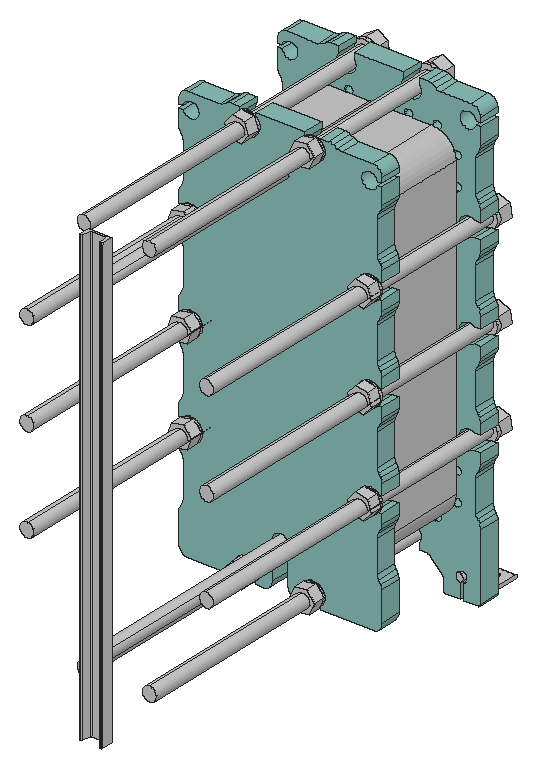
Revit family "Ekin_Endüstriyel - MIT520", category Specialty Equipment, Revit 2022
Family settings
  Round Connector Dimension = Use Diameter
  Part Type = Normal
  Work Plane-Based = No
  Always vertical = No
  Cut with Voids When Loaded = No
  Maintain Annotation Orientation = No
  Shared = No
  Room Calculation Point = No
Parameters (values of type "Flanged")
  URL = "https://en.ekinendustriyel.com/plate-heat-exchanger"
  Type Comments = ""
  Tightening Bolt [instance] = if(Design Pressure < 11.0 bar, 16.00 mm, 30.00 mm)  # 30.00 mm
  Thickness_of_Plate [instance] = 0.50 mm  # constant formula
  Number_of_Plate [instance] = 50
  Model = if(Hygienic, if(Design Pressure < 11.0 bar, "H12340000F75L", if(Design Pressure < 16.0 bar, " H12340000F75M", " H12340000F75H")), if(Design Pressure < 10.0 bar, "E12340000F75L", if(Design Pressure < 16.0 bar, " E12340000F75M", " E12340000F75H")))  # " H12340000F75H"
  Material = Galvanized Steel- S235JR
  Manufacturer = "Ekin Endüstriyel"
  M30 [instance] = 0 = 0  # yes
  Lk [instance] = (Number_of_Plate) * ((Thickness_of_Plate) + 3.90 mm)  # 220.00 mm
  Lh [instance] = 1060.00 mm  # constant formula
  Lf [instance] = 985.00 mm  # constant formula
  Lc [instance] = if(Number_of_Plate < 21, 350.00 mm, if(Number_of_Plate < 41, 500.00 mm, if(Number_of_Plate < 76, 750.00 mm, 1000.00 mm)))  # 750.00 mm
  La [instance] = 370.00 mm  # constant formula
  Keynote = ""
  Industrial [instance] = not(Hygienic)  # no
  Hygienic = yes
  Head & Follower Plate [instance] = if(Design Pressure < 11.0 bar, 25.00 mm, if(Design Pressure < 17.0 bar, 35.00 mm, 45.00 mm))  # 45.00 mm
  Follower Plate [instance] = -(Head & Follower Plate)  # -45.00 mm
  Design Pressure = 20 bar
  Description = if(Design Pressure < 10.0663 bar, "MIT - Heat Exchanger - 10 bar", if(Design Pressure < 15.9958 bar, " MIT - Heat Exchanger - 16 bar", " MIT - Heat Exchanger - 25 bar"))  # " MIT - Heat Exchanger - 25 bar"
  Default Elevation = 0.00 mm
Reference planes
  plane 1 "Center (Front/Back)": y = 0
  plane 2: z = 0
  plane 3 "Center (Left/Right)": x = 0
  plane 4: x = 1160
  plane 5: x = -1000
  plane 6 "2": y = -265
  plane 7 "1": y = -45
  plane 8 "3": y = -795
  plane 9 "Bolt End": y = 18.7
  plane 10: y = -750
Forms (mm)
  Extrusion 1, solid, material "Galvanized Steel", detail levels fine
    sketch origin (4.063, 0, 0) x (1, 0, 0) y (0, 0, 1)
      loop
        line (214.187, 5) -> (214.187, 148.821)
        arc (214.187, 148.821) -> (213.505, 153.997) -> (211.507, 158.821) r 20
        line (211.507, 158.821) -> (206.866, 166.859)
        arc (206.866, 166.859) -> (204.868, 171.683) -> (204.187, 176.859) r 20
        line (204.187, 176.859) -> (204.187, 246.141)
        arc (204.187, 246.141) -> (204.868, 251.317) -> (206.866, 256.141) r 20
        line (206.866, 256.141) -> (211.507, 264.179)
        arc (211.507, 264.179) -> (213.505, 269.003) -> (214.187, 274.179) r 20
        line (214.187, 274.179) -> (214.187, 297) -> (201.516, 297)
        arc (201.516, 297) -> (168.187, 314) -> (201.516, 331) r 21
        line (201.516, 331) -> (214.187, 331) -> (214.187, 353.821)
        arc (214.187, 353.821) -> (213.505, 358.997) -> (211.507, 363.821) r 20
        line (211.507, 363.821) -> (206.866, 371.859)
        arc (206.866, 371.859) -> (204.868, 376.683) -> (204.187, 381.859) r 20
        line (204.187, 381.859) -> (204.187, 451.141)
        arc (204.187, 451.141) -> (204.868, 456.317) -> (206.866, 461.141) r 20
        line (206.866, 461.141) -> (211.507, 469.179)
        arc (211.507, 469.179) -> (213.505, 474.003) -> (214.187, 479.179) r 20
        line (214.187, 479.179) -> (214.187, 502) -> (201.516, 502)
        arc (201.516, 502) -> (168.187, 519) -> (201.516, 536) r 21
        line (201.516, 536) -> (214.187, 536) -> (214.187, 558.821)
        arc (214.187, 558.821) -> (213.505, 563.997) -> (211.507, 568.821) r 20
        line (211.507, 568.821) -> (206.866, 576.859)
        arc (206.866, 576.859) -> (204.868, 581.683) -> (204.187, 586.859) r 20
        line (204.187, 586.859) -> (204.187, 656.141)
        arc (204.187, 656.141) -> (204.868, 661.317) -> (206.866, 666.141) r 20
        line (206.866, 666.141) -> (211.507, 674.179)
        arc (211.507, 674.179) -> (213.505, 679.003) -> (214.187, 684.179) r 20
        line (214.187, 684.179) -> (214.187, 707) -> (201.516, 707)
        arc (201.516, 707) -> (168.187, 724) -> (201.516, 741) r 21
        line (201.516, 741) -> (214.187, 741) -> (214.187, 763.821)
        arc (214.187, 763.821) -> (213.505, 768.997) -> (211.507, 773.821) r 20
        line (211.507, 773.821) -> (206.866, 781.859)
        arc (206.866, 781.859) -> (204.868, 786.683) -> (204.187, 791.859) r 20
        line (204.187, 791.859) -> (204.187, 861.141)
        arc (204.187, 861.141) -> (204.868, 866.317) -> (206.866, 871.141) r 20
        line (206.866, 871.141) -> (211.507, 879.179)
        arc (211.507, 879.179) -> (213.505, 884.003) -> (214.187, 889.179) r 20
        line (214.187, 889.179) -> (214.187, 925) -> (204.923, 925)
        arc (204.923, 925) -> (170.386, 929) -> (204.923, 933) r 17.5
        line (204.923, 933) -> (214.187, 933) -> (214.187, 943)
        arc (214.187, 943) -> (208.329, 957.142) -> (194.187, 963) r 20
        line (194.187, 963) -> (127.616, 963)
        arc (127.616, 963) -> (122.44, 963.681) -> (117.616, 965.679) r 20
        line (117.616, 965.679) -> (109.578, 970.321)
        arc (109.578, 970.321) -> (104.754, 972.319) -> (99.578, 973) r 20
        line (99.578, 973) -> (82.937, 973) -> (82.937, 960.328)
        arc (82.937, 960.328) -> (65.937, 927) -> (48.937, 960.328) r 21
        line (48.937, 960.328) -> (48.937, 973) -> (-57.063, 973) -> (-57.063, 960.328)
        arc (-57.063, 960.328) -> (-74.063, 927) -> (-91.063, 960.328) r 21
        line (-91.063, 960.328) -> (-91.063, 973) -> (-107.704, 973)
        arc (-107.704, 973) -> (-112.88, 972.319) -> (-117.704, 970.321) r 20
        line (-117.704, 970.321) -> (-125.743, 965.679)
        arc (-125.743, 965.679) -> (-130.566, 963.681) -> (-135.743, 963) r 20
        line (-135.743, 963) -> (-202.313, 963)
        arc (-202.313, 963) -> (-216.455, 957.142) -> (-222.313, 943) r 20
        line (-222.313, 943) -> (-222.313, 933) -> (-213.049, 933)
        arc (-213.049, 933) -> (-178.512, 929) -> (-213.049, 925) r 17.5
        line (-213.049, 925) -> (-222.313, 925) -> (-222.313, 889.179)
        arc (-222.313, 889.179) -> (-221.632, 884.003) -> (-219.634, 879.179) r 20
        line (-219.634, 879.179) -> (-214.993, 871.141)
        arc (-214.993, 871.141) -> (-212.995, 866.317) -> (-212.313, 861.141) r 20
        line (-212.313, 861.141) -> (-212.313, 791.859)
        arc (-212.313, 791.859) -> (-212.995, 786.683) -> (-214.993, 781.859) r 20
        line (-214.993, 781.859) -> (-219.634, 773.821)
        arc (-219.634, 773.821) -> (-221.632, 768.997) -> (-222.313, 763.821) r 20
        line (-222.313, 763.821) -> (-222.313, 741) -> (-209.642, 741)
        arc (-209.642, 741) -> (-176.313, 724) -> (-209.642, 707) r 21
        line (-209.642, 707) -> (-222.313, 707) -> (-222.313, 684.179)
        arc (-222.313, 684.179) -> (-221.632, 679.003) -> (-219.634, 674.179) r 20
        line (-219.634, 674.179) -> (-214.993, 666.141)
        arc (-214.993, 666.141) -> (-212.995, 661.317) -> (-212.313, 656.141) r 20
        line (-212.313, 656.141) -> (-212.313, 586.859)
        arc (-212.313, 586.859) -> (-212.995, 581.683) -> (-214.993, 576.859) r 20
        line (-214.993, 576.859) -> (-219.634, 568.821)
        arc (-219.634, 568.821) -> (-221.632, 563.997) -> (-222.313, 558.821) r 20
        line (-222.313, 558.821) -> (-222.313, 536) -> (-209.642, 536)
        arc (-209.642, 536) -> (-176.313, 519) -> (-209.642, 502) r 21
        line (-209.642, 502) -> (-222.313, 502) -> (-222.313, 479.179)
        arc (-222.313, 479.179) -> (-221.632, 474.003) -> (-219.634, 469.179) r 20
        line (-219.634, 469.179) -> (-214.993, 461.141)
        arc (-214.993, 461.141) -> (-212.995, 456.317) -> (-212.313, 451.141) r 20
        line (-212.313, 451.141) -> (-212.313, 381.859)
        arc (-212.313, 381.859) -> (-212.995, 376.683) -> (-214.993, 371.859) r 20
        line (-214.993, 371.859) -> (-219.634, 363.821)
        arc (-219.634, 363.821) -> (-221.632, 358.997) -> (-222.313, 353.821) r 20
        line (-222.313, 353.821) -> (-222.313, 331) -> (-209.642, 331)
        arc (-209.642, 331) -> (-176.313, 314) -> (-209.642, 297) r 21
        line (-209.642, 297) -> (-222.313, 297) -> (-222.313, 274.179)
        arc (-222.313, 274.179) -> (-221.632, 269.003) -> (-219.634, 264.179) r 20
        line (-219.634, 264.179) -> (-214.993, 256.141)
        arc (-214.993, 256.141) -> (-212.995, 251.317) -> (-212.313, 246.141) r 20
        line (-212.313, 246.141) -> (-212.313, 176.859)
        arc (-212.313, 176.859) -> (-212.995, 171.683) -> (-214.993, 166.859) r 20
        line (-214.993, 166.859) -> (-219.634, 158.821)
        arc (-219.634, 158.821) -> (-221.632, 153.997) -> (-222.313, 148.821) r 20
        line (-222.313, 148.821) -> (-222.313, 5)
        arc (-222.313, 5) -> (-220.849, 1.464) -> (-217.313, 0) r 5
        line (-217.313, 0) -> (-185.313, 0) -> (-185.313, 34.417)
        arc (-185.313, 34.417) -> (-182.313, 56) -> (-179.313, 34.417) r 11
        line (-179.313, 34.417) -> (-179.313, 0) -> (-147.313, 0)
        arc (-147.313, 0) -> (-143.777, 1.464) -> (-142.313, 5) r 5
        line (-142.313, 5) -> (-142.313, 24.216)
        arc (-142.313, 24.216) -> (-140.791, 31.869) -> (-136.455, 38.358) r 20
        line (-136.455, 38.358) -> (-115.671, 59.142)
        arc (-115.671, 59.142) -> (-109.182, 63.478) -> (-101.529, 65) r 20
        line (-101.529, 65) -> (-91.063, 65) -> (-91.063, 77.671)
        arc (-91.063, 77.671) -> (-74.063, 111) -> (-57.063, 77.671) r 21
        line (-57.063, 77.671) -> (-57.063, 65) -> (48.937, 65) -> (48.937, 77.671)
        arc (48.937, 77.671) -> (65.937, 111) -> (82.937, 77.671) r 21
        line (82.937, 77.671) -> (82.937, 65) -> (93.403, 65)
        arc (93.403, 65) -> (101.056, 63.478) -> (107.545, 59.142) r 20
        line (107.545, 59.142) -> (128.329, 38.358)
        arc (128.329, 38.358) -> (132.665, 31.869) -> (134.187, 24.216) r 20
        line (134.187, 24.216) -> (134.187, 5)
        arc (134.187, 5) -> (135.651, 1.464) -> (139.187, 0) r 5
        line (139.187, 0) -> (171.187, 0) -> (171.187, 34.417)
        arc (171.187, 34.417) -> (174.187, 56) -> (177.187, 34.417) r 11
        line (177.187, 34.417) -> (177.187, 0) -> (209.187, 0)
        arc (209.187, 0) -> (212.723, 1.464) -> (214.187, 5) r 5
      loop
        circle (90.937, 823) r 45.25
      loop
        circle (60.322, 896.91) r 9
      loop
        circle (17.027, 853.615) r 9
      loop
        circle (17.027, 792.385) r 9
      loop
        circle (60.322, 749.09) r 9
      loop
        circle (121.552, 896.91) r 9
      loop
        circle (164.847, 853.615) r 9
      loop
        circle (164.847, 792.385) r 9
      loop
        circle (121.552, 749.09) r 9
      loop
        circle (90.937, 215) r 45.25
      loop
        circle (60.322, 288.91) r 9
      loop
        circle (17.027, 245.615) r 9
      loop
        circle (17.027, 184.385) r 9
      loop
        circle (60.322, 141.09) r 9
      loop
        circle (121.552, 288.91) r 9
      loop
        circle (164.847, 245.615) r 9
      loop
        circle (164.847, 184.385) r 9
      loop
        circle (121.552, 141.09) r 9
      loop
        circle (-4.063, 160.5) r 5.1
      loop
        circle (-4.063, 877.5) r 6.25
      loop
        circle (-99.063, 823) r 45.25
      loop
        circle (-68.448, 896.91) r 9
      loop
        circle (-25.153, 853.615) r 9
      loop
        circle (-25.153, 792.385) r 9
      loop
        circle (-68.448, 749.09) r 9
      loop
        circle (-129.678, 896.91) r 9
      loop
        circle (-172.973, 853.615) r 9
      loop
        circle (-172.973, 792.385) r 9
      loop
        circle (-129.678, 749.09) r 9
      loop
        circle (-99.063, 215) r 45.25
      loop
        circle (-68.448, 288.91) r 9
      loop
        circle (-25.153, 245.615) r 9
      loop
        circle (-25.153, 184.385) r 9
      loop
        circle (-68.448, 141.09) r 9
      loop
        circle (-129.678, 288.91) r 9
      loop
        circle (-172.973, 245.615) r 9
      loop
        circle (-172.973, 184.385) r 9
      loop
        circle (-129.678, 141.09) r 9
    from 0 to 45
  Extrusion 2, solid, material "Galvanized Steel", detail levels fine
    sketch origin (4.063, -265, 0) x (-1, 0, 0) y (0, 0, 1)
      loop
        arc (-214.187, 85) -> (-208.329, 70.858) -> (-194.187, 65) r 20
        line (-194.187, 65) -> (-82.937, 65) -> (-82.937, 77.671)
        arc (-82.937, 77.671) -> (-65.937, 111) -> (-48.937, 77.671) r 21
        line (-48.937, 77.671) -> (-48.937, 65) -> (-32.437, 65)
        arc (-32.437, 65) -> (-18.295, 70.858) -> (-12.437, 85) r 20
        line (-12.437, 85) -> (-12.437, 165.5)
        arc (-12.437, 165.5) -> (4.063, 182) -> (20.563, 165.5) r 16.5
        line (20.563, 165.5) -> (20.563, 85)
        arc (20.563, 85) -> (26.421, 70.858) -> (40.563, 65) r 20
        line (40.563, 65) -> (57.063, 65) -> (57.063, 77.671)
        arc (57.063, 77.671) -> (74.063, 111) -> (91.063, 77.671) r 21
        line (91.063, 77.671) -> (91.063, 65) -> (202.313, 65)
        arc (202.313, 65) -> (216.455, 70.858) -> (222.313, 85) r 20
        line (222.313, 85) -> (222.313, 148.821)
        arc (222.313, 148.821) -> (221.632, 153.997) -> (219.634, 158.821) r 20
        line (219.634, 158.821) -> (214.993, 166.859)
        arc (214.993, 166.859) -> (212.995, 171.683) -> (212.313, 176.859) r 20
        line (212.313, 176.859) -> (212.313, 246.141)
        arc (212.313, 246.141) -> (212.995, 251.317) -> (214.993, 256.141) r 20
        line (214.993, 256.141) -> (219.634, 264.179)
        arc (219.634, 264.179) -> (221.632, 269.003) -> (222.313, 274.179) r 20
        line (222.313, 274.179) -> (222.313, 297) -> (209.642, 297)
        arc (209.642, 297) -> (176.313, 314) -> (209.642, 331) r 21
        line (209.642, 331) -> (222.313, 331) -> (222.313, 353.821)
        arc (222.313, 353.821) -> (221.632, 358.997) -> (219.634, 363.821) r 20
        line (219.634, 363.821) -> (214.993, 371.859)
        arc (214.993, 371.859) -> (212.995, 376.683) -> (212.313, 381.859) r 20
        line (212.313, 381.859) -> (212.313, 451.141)
        arc (212.313, 451.141) -> (212.995, 456.317) -> (214.993, 461.141) r 20
        line (214.993, 461.141) -> (219.634, 469.179)
        arc (219.634, 469.179) -> (221.632, 474.003) -> (222.313, 479.179) r 20
        line (222.313, 479.179) -> (222.313, 502) -> (209.642, 502)
        arc (209.642, 502) -> (176.313, 519) -> (209.642, 536) r 21
        line (209.642, 536) -> (222.313, 536) -> (222.313, 558.821)
        arc (222.313, 558.821) -> (221.632, 563.997) -> (219.634, 568.821) r 20
        line (219.634, 568.821) -> (214.993, 576.859)
        arc (214.993, 576.859) -> (212.995, 581.683) -> (212.313, 586.859) r 20
        line (212.313, 586.859) -> (212.313, 656.141)
        arc (212.313, 656.141) -> (212.995, 661.317) -> (214.993, 666.141) r 20
        line (214.993, 666.141) -> (219.634, 674.179)
        arc (219.634, 674.179) -> (221.632, 679.003) -> (222.313, 684.179) r 20
        line (222.313, 684.179) -> (222.313, 707) -> (209.642, 707)
        arc (209.642, 707) -> (176.313, 724) -> (209.642, 741) r 21
        line (209.642, 741) -> (222.313, 741) -> (222.313, 763.821)
        arc (222.313, 763.821) -> (221.632, 768.997) -> (219.634, 773.821) r 20
        line (219.634, 773.821) -> (214.993, 781.859)
        arc (214.993, 781.859) -> (212.995, 786.683) -> (212.313, 791.859) r 20
        line (212.313, 791.859) -> (212.313, 861.141)
        arc (212.313, 861.141) -> (212.995, 866.317) -> (214.993, 871.141) r 20
        line (214.993, 871.141) -> (219.634, 879.179)
        arc (219.634, 879.179) -> (221.632, 884.003) -> (222.313, 889.179) r 20
        line (222.313, 889.179) -> (222.313, 925) -> (213.049, 925)
        arc (213.049, 925) -> (178.512, 929) -> (213.049, 933) r 17.5
        line (213.049, 933) -> (222.313, 933) -> (222.313, 943)
        arc (222.313, 943) -> (216.455, 957.142) -> (202.313, 963) r 20
        line (202.313, 963) -> (135.743, 963)
        arc (135.743, 963) -> (130.566, 963.681) -> (125.743, 965.679) r 20
        line (125.743, 965.679) -> (117.704, 970.321)
        arc (117.704, 970.321) -> (112.88, 972.319) -> (107.704, 973) r 20
        line (107.704, 973) -> (91.063, 973) -> (91.063, 960.328)
        arc (91.063, 960.328) -> (74.063, 927) -> (57.063, 960.328) r 21
        line (57.063, 960.328) -> (57.063, 973) -> (-48.937, 973) -> (-48.937, 960.328)
        arc (-48.937, 960.328) -> (-65.937, 927) -> (-82.937, 960.328) r 21
        line (-82.937, 960.328) -> (-82.937, 973) -> (-99.578, 973)
        arc (-99.578, 973) -> (-104.754, 972.319) -> (-109.578, 970.321) r 20
        line (-109.578, 970.321) -> (-117.616, 965.679)
        arc (-117.616, 965.679) -> (-122.44, 963.681) -> (-127.616, 963) r 20
        line (-127.616, 963) -> (-194.187, 963)
        arc (-194.187, 963) -> (-208.329, 957.142) -> (-214.187, 943) r 20
        line (-214.187, 943) -> (-214.187, 933) -> (-204.923, 933)
        arc (-204.923, 933) -> (-170.386, 929) -> (-204.923, 925) r 17.5
        line (-204.923, 925) -> (-214.187, 925) -> (-214.187, 889.179)
        arc (-214.187, 889.179) -> (-213.505, 884.003) -> (-211.507, 879.179) r 20
        line (-211.507, 879.179) -> (-206.866, 871.141)
        arc (-206.866, 871.141) -> (-204.868, 866.317) -> (-204.187, 861.141) r 20
        line (-204.187, 861.141) -> (-204.187, 791.859)
        arc (-204.187, 791.859) -> (-204.868, 786.683) -> (-206.866, 781.859) r 20
        line (-206.866, 781.859) -> (-211.507, 773.821)
        arc (-211.507, 773.821) -> (-213.505, 768.997) -> (-214.187, 763.821) r 20
        line (-214.187, 763.821) -> (-214.187, 741) -> (-201.516, 741)
        arc (-201.516, 741) -> (-168.187, 724) -> (-201.516, 707) r 21
        line (-201.516, 707) -> (-214.187, 707) -> (-214.187, 684.179)
        arc (-214.187, 684.179) -> (-213.505, 679.003) -> (-211.507, 674.179) r 20
        line (-211.507, 674.179) -> (-206.866, 666.141)
        arc (-206.866, 666.141) -> (-204.868, 661.317) -> (-204.187, 656.141) r 20
        line (-204.187, 656.141) -> (-204.187, 586.859)
        arc (-204.187, 586.859) -> (-204.868, 581.683) -> (-206.866, 576.859) r 20
        line (-206.866, 576.859) -> (-211.507, 568.821)
        arc (-211.507, 568.821) -> (-213.505, 563.997) -> (-214.187, 558.821) r 20
        line (-214.187, 558.821) -> (-214.187, 536) -> (-201.516, 536)
        arc (-201.516, 536) -> (-168.187, 519) -> (-201.516, 502) r 21
        line (-201.516, 502) -> (-214.187, 502) -> (-214.187, 479.179)
        arc (-214.187, 479.179) -> (-213.505, 474.003) -> (-211.507, 469.179) r 20
        line (-211.507, 469.179) -> (-206.866, 461.141)
        arc (-206.866, 461.141) -> (-204.868, 456.317) -> (-204.187, 451.141) r 20
        line (-204.187, 451.141) -> (-204.187, 381.859)
        arc (-204.187, 381.859) -> (-204.868, 376.683) -> (-206.866, 371.859) r 20
        line (-206.866, 371.859) -> (-211.507, 363.821)
        arc (-211.507, 363.821) -> (-213.505, 358.997) -> (-214.187, 353.821) r 20
        line (-214.187, 353.821) -> (-214.187, 331) -> (-201.516, 331)
        arc (-201.516, 331) -> (-168.187, 314) -> (-201.516, 297) r 21
        line (-201.516, 297) -> (-214.187, 297) -> (-214.187, 274.179)
        arc (-214.187, 274.179) -> (-213.505, 269.003) -> (-211.507, 264.179) r 20
        line (-211.507, 264.179) -> (-206.866, 256.141)
        arc (-206.866, 256.141) -> (-204.868, 251.317) -> (-204.187, 246.141) r 20
        line (-204.187, 246.141) -> (-204.187, 176.859)
        arc (-204.187, 176.859) -> (-204.868, 171.683) -> (-206.866, 166.859) r 20
        line (-206.866, 166.859) -> (-211.507, 158.821)
        arc (-211.507, 158.821) -> (-213.505, 153.997) -> (-214.187, 148.821) r 20
        line (-214.187, 148.821) -> (-214.187, 85)
      loop
        circle (4.063, 877.5) r 15
    from 0 to -45 <- "Follower Plate"
  Extrusion 3, solid, material "AISI 316L/Titanium/Hastelloy", detail levels fine
    sketch origin (0, -45, 0) x (-1, 0, 0) y (0, 0, 1)
      loop
        line (-164, 841.5) -> (-164, 196.5)
        arc (-164, 196.5) -> (-149.355, 161.145) -> (-114, 146.5) r 50
        line (-114, 146.5) -> (-20, 146.5) -> (-20, 186.5) -> (20, 186.5) -> (20, 146.5) -> (114, 146.5)
        arc (114, 146.5) -> (149.355, 161.145) -> (164, 196.5) r 50
        line (164, 196.5) -> (164, 841.5)
        arc (164, 841.5) -> (149.355, 876.855) -> (114, 891.5) r 50
        line (114, 891.5) -> (20, 891.5) -> (20, 851.5) -> (-20, 851.5) -> (-20, 891.5) -> (-114, 891.5)
        arc (-114, 891.5) -> (-149.355, 876.855) -> (-164, 841.5) r 50
      loop
        circle (-95, 823) r 31.946
      loop
        circle (95, 823) r 31.946
      loop
        circle (-95, 215) r 31.946
      loop
        circle (95, 215) r 31.946
    from 0 to -220
  Extrusion 4, solid, material "Galvanized Steel- S235JR"
    sketch origin (0, 0, 0) x (1, 0, 0) y (0, 0, 1)
      loop
        circle (0, 877.5) r 15
      loop
        circle (0, 160.5) r 15
    from 45 to 795
  Extrusion 5, solid, material "Galvanized Steel- S235JR"
    sketch origin (0, 0, 0) x (1, 0, 0) y (0, 0, 1)
      loop
        circle (193.25, 314) r 15
      loop
        circle (70, 90) r 15
      loop
        circle (193.25, 519) r 15
      loop
        circle (193.25, 724) r 15
      loop
        circle (70, 948) r 15
      loop
        circle (-193.25, 314) r 15
      loop
        circle (-70, 90) r 15
      loop
        circle (-193.25, 519) r 15
      loop
        circle (-193.25, 724) r 15
      loop
        circle (-70, 948) r 15
    from 0 to 750
  Extrusion 6, solid, material "Galvanized Steel- S235JR", detail levels fine
    sketch origin (0, 0, 0) x (1, 0, 0) y (0, 0, 1)
      loop
        line (164.316, 49.263) -> (167.216, 35.713) -> (180.401, 31.451) -> (190.684, 40.737) -> (187.784, 54.287) -> (174.599, 58.549) -> (164.316, 49.263)
      loop
        line (-164.316, 49.263) -> (-174.599, 58.549) -> (-187.784, 54.287) -> (-190.684, 40.737) -> (-180.401, 31.451) -> (-167.216, 35.713) -> (-164.316, 49.263)
    from -10 to -20
  Extrusion 7, solid, material "Galvanized Steel- S235JR", detail levels fine
    sketch origin (0, 0, 0) x (1, 0, 0) y (0, 0, 1)
      loop
        circle (177.5, 45) r 15
      loop
        circle (-177.5, 45) r 15
    from -10 to -7.5
  Extrusion 8, solid, material "Galvanized Steel- S235JR", detail levels fine
    sketch origin (0, 0, 0) x (1, 0, 0) y (0, 0, 1)
      loop
        circle (177.5, 45) r 7.9
      loop
        circle (-177.5, 45) r 7.9
    from 49.5 to -7.5
  Extrusion 9, solid, material "Galvanized Steel- S235JR", detail levels fine
    sketch origin (0, 0, 0) x (1, 0, 0) y (0, 0, 1)
      loop
        circle (177.5, 45) r 15
      loop
        circle (-177.5, 45) r 15
    from 25 to 27.5
  Extrusion 10, solid, material "Galvanized Steel- S235JR", detail levels fine
    sketch origin (0, 0, 0) x (1, 0, 0) y (0, 0, 1)
      loop
        line (164.316, 49.263) -> (167.216, 35.713) -> (180.401, 31.451) -> (190.684, 40.737) -> (187.784, 54.287) -> (174.599, 58.549) -> (164.316, 49.263)
      loop
        line (-164.316, 49.263) -> (-174.599, 58.549) -> (-187.784, 54.287) -> (-190.684, 40.737) -> (-180.401, 31.451) -> (-167.216, 35.713) -> (-164.316, 49.263)
    from 40.08 to 27.5
  Extrusion 11, solid, material "Galvanized Steel- S235JR", detail levels fine
    sketch origin (0, 0, 0) x (1, 0, 0) y (0, 0, 1)
      loop
        circle (95, 823) r 94.5
      loop
        circle (95, 823) r 45.25
      loop
        circle (168.91, 853.615) r 6.5
      loop
        circle (168.91, 792.385) r 6.5
      loop
        circle (125.615, 749.09) r 6.5
      loop
        circle (64.385, 749.09) r 6.5
      loop
        circle (21.09, 792.385) r 6.5
      loop
        circle (21.09, 853.615) r 6.5
      loop
        circle (64.385, 896.91) r 6.5
      loop
        circle (125.615, 896.91) r 6.5
      loop
        circle (-95, 823) r 94.5
      loop
        circle (-95, 823) r 45.25
      loop
        circle (-168.91, 853.615) r 6.5
      loop
        circle (-168.91, 792.385) r 6.5
      loop
        circle (-125.615, 749.09) r 6.5
      loop
        circle (-64.385, 749.09) r 6.5
      loop
        circle (-21.09, 792.385) r 6.5
      loop
        circle (-21.09, 853.615) r 6.5
      loop
        circle (-64.385, 896.91) r 6.5
      loop
        circle (-125.615, 896.91) r 6.5
      loop
        circle (95, 215) r 94.5
      loop
        circle (95, 215) r 45.25
      loop
        circle (168.91, 245.615) r 6.5
      loop
        circle (168.91, 184.385) r 6.5
      loop
        circle (125.615, 141.09) r 6.5
      loop
        circle (64.385, 141.09) r 6.5
      loop
        circle (21.09, 184.385) r 6.5
      loop
        circle (21.09, 245.615) r 6.5
      loop
        circle (64.385, 288.91) r 6.5
      loop
        circle (125.615, 288.91) r 6.5
      loop
        circle (-95, 215) r 94.5
      loop
        circle (-95, 215) r 45.25
      loop
        circle (-168.91, 245.615) r 6.5
      loop
        circle (-168.91, 184.385) r 6.5
      loop
        circle (-125.615, 141.09) r 6.5
      loop
        circle (-64.385, 141.09) r 6.5
      loop
        circle (-21.09, 184.385) r 6.5
      loop
        circle (-21.09, 245.615) r 6.5
      loop
        circle (-64.385, 288.91) r 6.5
      loop
        circle (-125.615, 288.91) r 6.5
    from 0 to -15
  Extrusion 12, solid, material "Galvanized Steel- S235JR", detail levels fine
    sketch origin (0, 0, 0) x (1, 0, 0) y (0, 0, 1)
      loop
        circle (125.615, 896.91) r 15
      loop
        circle (168.91, 853.615) r 15
      loop
        circle (168.91, 792.385) r 15
      loop
        circle (125.615, 749.09) r 15
      loop
        circle (64.385, 896.91) r 15
      loop
        circle (21.09, 853.615) r 15
      loop
        circle (21.09, 792.385) r 15
      loop
        circle (64.385, 749.09) r 15
      loop
        circle (-125.615, 896.91) r 15
      loop
        circle (-168.91, 853.615) r 15
      loop
        circle (-168.91, 792.385) r 15
      loop
        circle (-125.615, 749.09) r 15
      loop
        circle (-64.385, 896.91) r 15
      loop
        circle (-21.09, 853.615) r 15
      loop
        circle (-21.09, 792.385) r 15
      loop
        circle (-64.385, 749.09) r 15
      loop
        circle (125.615, 288.91) r 15
      loop
        circle (168.91, 245.615) r 15
      loop
        circle (168.91, 184.385) r 15
      loop
        circle (125.615, 141.09) r 15
      loop
        circle (64.385, 288.91) r 15
      loop
        circle (21.09, 245.615) r 15
      loop
        circle (21.09, 184.385) r 15
      loop
        circle (64.385, 141.09) r 15
      loop
        circle (-125.615, 288.91) r 15
      loop
        circle (-168.91, 245.615) r 15
      loop
        circle (-168.91, 184.385) r 15
      loop
        circle (-125.615, 141.09) r 15
      loop
        circle (-64.385, 288.91) r 15
      loop
        circle (-21.09, 245.615) r 15
      loop
        circle (-21.09, 184.385) r 15
      loop
        circle (-64.385, 141.09) r 15
    from -18 to -15
  Extrusion 13, solid, material "Galvanized Steel- S235JR", detail levels fine
    sketch origin (0, 0, 0) x (1, 0, 0) y (0, 0, 1)
      loop
        line (128.813, 910.985) -> (115.024, 906.717) -> (111.826, 892.642) -> (122.417, 882.835) -> (136.205, 887.103) -> (139.403, 901.178) -> (128.813, 910.985)
      loop
        line (168.356, 868.038) -> (156.143, 860.347) -> (156.697, 845.923) -> (169.464, 839.192) -> (181.678, 846.883) -> (181.124, 861.306) -> (168.356, 868.038)
      loop
        line (164.642, 806.174) -> (154.835, 795.583) -> (159.103, 781.795) -> (173.178, 778.597) -> (182.985, 789.187) -> (178.717, 802.976) -> (164.642, 806.174)
      loop
        line (132.347, 761.857) -> (117.923, 761.303) -> (111.192, 748.536) -> (118.883, 736.322) -> (133.306, 736.876) -> (140.038, 749.644) -> (132.347, 761.857)
      loop
        line (61.187, 910.985) -> (50.597, 901.178) -> (53.795, 887.103) -> (67.583, 882.835) -> (78.174, 892.642) -> (74.976, 906.717) -> (61.187, 910.985)
      loop
        line (21.644, 868.038) -> (8.876, 861.306) -> (8.322, 846.883) -> (20.536, 839.192) -> (33.303, 845.923) -> (33.857, 860.347) -> (21.644, 868.038)
      loop
        line (25.358, 806.174) -> (11.283, 802.976) -> (7.015, 789.187) -> (16.822, 778.597) -> (30.897, 781.795) -> (35.165, 795.583) -> (25.358, 806.174)
      loop
        line (57.653, 761.857) -> (49.962, 749.644) -> (56.694, 736.876) -> (71.117, 736.322) -> (78.808, 748.536) -> (72.077, 761.303) -> (57.653, 761.857)
      loop
        line (-128.813, 910.985) -> (-139.403, 901.178) -> (-136.205, 887.103) -> (-122.417, 882.835) -> (-111.826, 892.642) -> (-115.024, 906.717) -> (-128.813, 910.985)
      loop
        line (-168.356, 868.038) -> (-181.124, 861.306) -> (-181.678, 846.883) -> (-169.464, 839.192) -> (-156.697, 845.923) -> (-156.143, 860.347) -> (-168.356, 868.038)
      loop
        line (-164.642, 806.174) -> (-178.717, 802.976) -> (-182.985, 789.187) -> (-173.178, 778.597) -> (-159.103, 781.795) -> (-154.835, 795.583) -> (-164.642, 806.174)
      loop
        line (-132.347, 761.857) -> (-140.038, 749.644) -> (-133.306, 736.876) -> (-118.883, 736.322) -> (-111.192, 748.536) -> (-117.923, 761.303) -> (-132.347, 761.857)
      loop
        line (-61.187, 910.985) -> (-74.976, 906.717) -> (-78.174, 892.642) -> (-67.583, 882.835) -> (-53.795, 887.103) -> (-50.597, 901.178) -> (-61.187, 910.985)
      loop
        line (-21.644, 868.038) -> (-33.857, 860.347) -> (-33.303, 845.923) -> (-20.536, 839.192) -> (-8.322, 846.883) -> (-8.876, 861.306) -> (-21.644, 868.038)
      loop
        line (-25.358, 806.174) -> (-35.165, 795.583) -> (-30.897, 781.795) -> (-16.822, 778.597) -> (-7.015, 789.187) -> (-11.283, 802.976) -> (-25.358, 806.174)
      loop
        line (-57.653, 761.857) -> (-72.077, 761.303) -> (-78.808, 748.536) -> (-71.117, 736.322) -> (-56.694, 736.876) -> (-49.962, 749.644) -> (-57.653, 761.857)
      loop
        line (128.813, 302.985) -> (115.024, 298.717) -> (111.826, 284.642) -> (122.417, 274.835) -> (136.205, 279.103) -> (139.403, 293.178) -> (128.813, 302.985)
      loop
        line (168.356, 260.038) -> (156.143, 252.347) -> (156.697, 237.923) -> (169.464, 231.192) -> (181.678, 238.883) -> (181.124, 253.306) -> (168.356, 260.038)
      loop
        line (164.642, 198.174) -> (154.835, 187.583) -> (159.103, 173.795) -> (173.178, 170.597) -> (182.985, 181.187) -> (178.717, 194.976) -> (164.642, 198.174)
      loop
        line (132.347, 153.857) -> (117.923, 153.303) -> (111.192, 140.536) -> (118.883, 128.322) -> (133.306, 128.876) -> (140.038, 141.644) -> (132.347, 153.857)
      loop
        line (61.187, 302.985) -> (50.597, 293.178) -> (53.795, 279.103) -> (67.583, 274.835) -> (78.174, 284.642) -> (74.976, 298.717) -> (61.187, 302.985)
      loop
        line (21.644, 260.038) -> (8.876, 253.306) -> (8.322, 238.883) -> (20.536, 231.192) -> (33.303, 237.923) -> (33.857, 252.347) -> (21.644, 260.038)
      loop
        line (25.358, 198.174) -> (11.283, 194.976) -> (7.015, 181.187) -> (16.822, 170.597) -> (30.897, 173.795) -> (35.165, 187.583) -> (25.358, 198.174)
      loop
        line (57.653, 153.857) -> (49.962, 141.644) -> (56.694, 128.876) -> (71.117, 128.322) -> (78.808, 140.536) -> (72.077, 153.303) -> (57.653, 153.857)
      loop
        line (-128.813, 302.985) -> (-139.403, 293.178) -> (-136.205, 279.103) -> (-122.417, 274.835) -> (-111.826, 284.642) -> (-115.024, 298.717) -> (-128.813, 302.985)
      loop
        line (-168.356, 260.038) -> (-181.124, 253.306) -> (-181.678, 238.883) -> (-169.464, 231.192) -> (-156.697, 237.923) -> (-156.143, 252.347) -> (-168.356, 260.038)
      loop
        line (-164.642, 198.174) -> (-178.717, 194.976) -> (-182.985, 181.187) -> (-173.178, 170.597) -> (-159.103, 173.795) -> (-154.835, 187.583) -> (-164.642, 198.174)
      loop
        line (-132.347, 153.857) -> (-140.038, 141.644) -> (-133.306, 128.876) -> (-118.883, 128.322) -> (-111.192, 140.536) -> (-117.923, 153.303) -> (-132.347, 153.857)
      loop
        line (-61.187, 302.985) -> (-74.976, 298.717) -> (-78.174, 284.642) -> (-67.583, 274.835) -> (-53.795, 279.103) -> (-50.597, 293.178) -> (-61.187, 302.985)
      loop
        line (-21.644, 260.038) -> (-33.857, 252.347) -> (-33.303, 237.923) -> (-20.536, 231.192) -> (-8.322, 238.883) -> (-8.876, 253.306) -> (-21.644, 260.038)
      loop
        line (-25.358, 198.174) -> (-35.165, 187.583) -> (-30.897, 173.795) -> (-16.822, 170.597) -> (-7.015, 181.187) -> (-11.283, 194.976) -> (-25.358, 198.174)
      loop
        line (-57.653, 153.857) -> (-72.077, 153.303) -> (-78.808, 140.536) -> (-71.117, 128.322) -> (-56.694, 128.876) -> (-49.962, 141.644) -> (-57.653, 153.857)
    from -18 to -28
  Extrusion 14, solid, material "Galvanized Steel- S235JR", detail levels medium+fine
    sketch origin (0, 0, 0) x (1, 0, 0) y (0, 0, 1)
      loop
        circle (0, 160.5) r 9
      loop
        circle (0, 877.5) r 9
    from 0 to -12
  Extrusion 15, solid, material "Galvanized Steel- S235JR", detail levels medium+fine
    sketch origin (0, 0, 0) x (1, 0, 0) y (0, 1, 0)
      loop
        line (-24.936, -795) -> (-24.936, -818.408)
        arc (-24.936, -818.408) -> (-24.469, -819.534) -> (-23.343, -820) r 1.592
        line (-23.343, -820) -> (-21.362, -820)
        arc (-21.362, -820) -> (-19.913, -819.577) -> (-18.918, -818.441) r 2.697
        line (-18.918, -818.441) -> (-17.259, -802.296)
        arc (-17.259, -802.296) -> (-16.144, -800.525) -> (-14.168, -799.834) r 3.172
        line (-14.168, -799.834) -> (14.147, -799.834)
        arc (14.147, -799.834) -> (16.12, -800.526) -> (17.23, -802.298) r 3.161
        line (17.23, -802.298) -> (18.782, -817.904)
        arc (18.782, -817.904) -> (19.819, -819.417) -> (21.559, -820) r 2.887
        line (21.559, -820) -> (23.148, -820)
        arc (23.148, -820) -> (24.463, -819.455) -> (25.008, -818.14) r 1.86
        line (25.008, -818.14) -> (25.008, -795) -> (-24.936, -795)
    from 0 to 973
  Extrusion 16, solid, material "Galvanized Steel- S235JR"
    sketch origin (212.5, 0, 5) x (0, 0, 1) y (0, -1, 0)
      loop
        line (7.5, -7.5) -> (62, -7.5)
        arc (62, -7.5) -> (64.121, -6.621) -> (65, -4.5) r 3
        line (65, -4.5) -> (65, 0) -> (-4, 0)
        arc (-4, 0) -> (-4.707, -0.293) -> (-5, -1) r 1
        line (-5, -1) -> (-5, -68)
        arc (-5, -68) -> (-4.414, -69.414) -> (-3, -70) r 2
        line (-3, -70) -> (0.5, -70)
        arc (0.5, -70) -> (1.914, -69.414) -> (2.5, -68) r 2
        line (2.5, -68) -> (2.5, -12.5)
        arc (2.5, -12.5) -> (3.964, -8.964) -> (7.5, -7.5) r 5
    from -9.144 to -415.673
  Extrusion 17, void
    sketch origin (202.5, 12.5, 7.5) x (0, -1, 0) y (1, 0, 0)
      loop
        line (12.5, -49.25) -> (-57.5, -49.25) -> (-57.5, -355.75) -> (12.5, -355.75) -> (12.5, -49.25)
      loop
        circle (-32.5, -380.75) r 9
      loop
        circle (-32.5, -24.25) r 9
    from -7.5 to 62.5
  Extrusion 18, solid, material "Galvanized Steel- S235JR", visible <- "M30", detail levels medium+fine
    sketch origin (0, 0, 0) x (1, 0, 0) y (0, 0, 1)
      loop
        circle (193.25, 724) r 25
      loop
        circle (193.25, 519) r 25
      loop
        circle (193.25, 314) r 25
      loop
        circle (70, 90) r 25
      loop
        circle (70, 948) r 25
      loop
        circle (-193.25, 724) r 25
      loop
        circle (-193.25, 519) r 25
      loop
        circle (-193.25, 314) r 25
      loop
        circle (-70, 90) r 25
      loop
        circle (-70, 948) r 25
    from 0 to -8
  Extrusion 19, solid, material "Galvanized Steel- S235JR", visible <- "M30", detail levels fine
    sketch origin (4.063, -310, 0) x (1, 0, 0) y (0, 0, 1)
      loop
        line (92.239, 951.682) -> (75.899, 972.619) -> (49.597, 968.936) -> (39.635, 944.318) -> (55.975, 923.381) -> (82.277, 927.063) -> (92.239, 951.682)
      loop
        line (215.288, 719.092) -> (206.488, 744.15) -> (180.387, 749.058) -> (163.086, 728.908) -> (171.886, 703.85) -> (197.987, 698.942) -> (215.288, 719.092)
      loop
        line (197.987, 493.942) -> (215.288, 514.092) -> (206.488, 539.15) -> (180.387, 544.058) -> (163.086, 523.908) -> (171.886, 498.85) -> (197.987, 493.942)
      loop
        line (180.387, 339.058) -> (163.086, 318.908) -> (171.886, 293.85) -> (197.987, 288.942) -> (215.288, 309.092) -> (206.488, 334.15) -> (180.387, 339.058)
      loop
        line (92.239, 93.682) -> (75.899, 114.619) -> (49.597, 110.936) -> (39.635, 86.318) -> (55.975, 65.381) -> (82.277, 69.063) -> (92.239, 93.682)
      loop
        line (-100.365, 951.682) -> (-90.403, 927.063) -> (-64.101, 923.381) -> (-47.761, 944.318) -> (-57.723, 968.936) -> (-84.025, 972.619) -> (-100.365, 951.682)
      loop
        line (-223.414, 719.092) -> (-206.113, 698.942) -> (-180.012, 703.85) -> (-171.212, 728.908) -> (-188.513, 749.058) -> (-214.614, 744.15) -> (-223.414, 719.092)
      loop
        line (-206.113, 493.942) -> (-180.012, 498.85) -> (-171.212, 523.908) -> (-188.513, 544.058) -> (-214.614, 539.15) -> (-223.414, 514.092) -> (-206.113, 493.942)
      loop
        line (-188.513, 339.058) -> (-214.614, 334.15) -> (-223.414, 309.092) -> (-206.113, 288.942) -> (-180.012, 293.85) -> (-171.212, 318.908) -> (-188.513, 339.058)
      loop
        line (-100.365, 93.682) -> (-90.403, 69.063) -> (-64.101, 65.381) -> (-47.761, 86.318) -> (-57.723, 110.936) -> (-84.025, 114.619) -> (-100.365, 93.682)
    from 4 to 29.5
  Extrusion 20, solid, material "Galvanized Steel- S235JR", visible <- "M30", detail levels fine
    sketch origin (4.063, -310, 0) x (1, 0, 0) y (0, 0, 1)
      loop
        circle (65.937, 90) r 25
      loop
        circle (189.187, 314) r 25
      loop
        circle (189.187, 519) r 25
      loop
        circle (189.187, 724) r 25
      loop
        circle (65.937, 948) r 25
      loop
        circle (-74.063, 90) r 25
      loop
        circle (-197.313, 314) r 25
      loop
        circle (-197.313, 519) r 25
      loop
        circle (-197.313, 724) r 25
      loop
        circle (-74.063, 948) r 25
    from 4 to 0
  Extrusion 21, solid, material "Galvanized Steel- S235JR", visible <- "M30", detail levels medium+fine
    sketch origin (0, 0, 0) x (1, 0, 0) y (0, 0, 1)
      loop
        line (92.881, 102.905) -> (70.264, 116.268) -> (47.383, 103.362) -> (47.119, 77.094) -> (69.736, 63.732) -> (92.617, 76.637) -> (92.881, 102.905)
      loop
        line (214.307, 329.707) -> (190.176, 340.089) -> (169.119, 324.382) -> (172.193, 298.293) -> (196.324, 287.911) -> (217.381, 303.618) -> (214.307, 329.707)
      loop
        line (214.307, 534.707) -> (190.176, 545.089) -> (169.119, 529.382) -> (172.193, 503.293) -> (196.324, 492.911) -> (217.381, 508.618) -> (214.307, 534.707)
      loop
        line (92.881, 960.905) -> (70.264, 974.268) -> (47.383, 961.362) -> (47.119, 935.094) -> (69.736, 921.732) -> (92.617, 934.637) -> (92.881, 960.905)
      loop
        line (214.307, 739.707) -> (190.176, 750.089) -> (169.119, 734.382) -> (172.193, 708.293) -> (196.324, 697.911) -> (217.381, 713.618) -> (214.307, 739.707)
      loop
        line (-92.881, 102.905) -> (-92.617, 76.637) -> (-69.736, 63.732) -> (-47.119, 77.094) -> (-47.383, 103.362) -> (-70.264, 116.268) -> (-92.881, 102.905)
      loop
        line (-214.307, 329.707) -> (-217.381, 303.618) -> (-196.324, 287.911) -> (-172.193, 298.293) -> (-169.119, 324.382) -> (-190.176, 340.089) -> (-214.307, 329.707)
      loop
        line (-214.307, 534.707) -> (-217.381, 508.618) -> (-196.324, 492.911) -> (-172.193, 503.293) -> (-169.119, 529.382) -> (-190.176, 545.089) -> (-214.307, 534.707)
      loop
        line (-92.881, 960.905) -> (-92.617, 934.637) -> (-69.736, 921.732) -> (-47.119, 935.094) -> (-47.383, 961.362) -> (-70.264, 974.268) -> (-92.881, 960.905)
      loop
        line (-214.307, 739.707) -> (-217.381, 713.618) -> (-196.324, 697.911) -> (-172.193, 708.293) -> (-169.119, 734.382) -> (-190.176, 750.089) -> (-214.307, 739.707)
    from -8 to -38.6
  Extrusion 22, solid, material "Galvanized Steel- S235JR", detail levels fine
    sketch origin (0, 0, 0) x (1, 0, 0) y (0, 0, 1)
      loop
        circle (95, 823) r 45.25
      loop
        circle (95, 823) r 31.946
      loop
        circle (-95, 823) r 45.25
      loop
        circle (-95, 823) r 31.946
      loop
        circle (95, 215) r 45.25
      loop
        circle (95, 215) r 31.946
      loop
        circle (-95, 215) r 45.25
      loop
        circle (-95, 215) r 31.946
    from 25 to -15
  Extrusion 23, solid, material "Galvanized Steel", detail levels medium
    sketch origin (4.063, 0, 0) x (1, 0, 0) y (0, 0, 1)
      loop
        line (214.187, 5) -> (214.187, 943)
        arc (214.187, 943) -> (208.329, 957.142) -> (194.187, 963) r 20
        line (194.187, 963) -> (122.257, 963) -> (104.937, 973) -> (-113.063, 973) -> (-130.384, 963) -> (-202.313, 963)
        arc (-202.313, 963) -> (-216.455, 957.142) -> (-222.313, 943) r 20
        line (-222.313, 943) -> (-222.313, 5)
        arc (-222.313, 5) -> (-220.849, 1.464) -> (-217.313, 0) r 5
        line (-217.313, 0) -> (-147.313, 0)
        arc (-147.313, 0) -> (-143.777, 1.464) -> (-142.313, 5) r 5
        line (-142.313, 5) -> (-142.313, 32.5) -> (-109.813, 65) -> (101.687, 65) -> (134.187, 32.5) -> (134.187, 5)
        arc (134.187, 5) -> (135.651, 1.464) -> (139.187, 0) r 5
        line (139.187, 0) -> (209.187, 0)
        arc (209.187, 0) -> (212.723, 1.464) -> (214.187, 5) r 5
      loop
        circle (-4.063, 160.5) r 5.1
      loop
        circle (-4.063, 877.5) r 6.25
      loop
        circle (174.187, 45) r 11
      loop
        circle (65.937, 90) r 21
      loop
        circle (189.187, 314) r 21
      loop
        circle (189.187, 519) r 21
      loop
        circle (189.187, 724) r 21
      loop
        circle (187.886, 929) r 17.5
      loop
        circle (65.937, 948) r 21
      loop
        circle (-182.313, 45) r 11
      loop
        circle (-74.063, 90) r 21
      loop
        circle (-197.313, 314) r 21
      loop
        circle (-197.313, 519) r 21
      loop
        circle (-197.313, 724) r 21
      loop
        circle (-196.012, 929) r 17.5
      loop
        circle (-74.063, 948) r 21
      loop
        circle (90.937, 823) r 31.946
      loop
        circle (-99.063, 823) r 31.946
      loop
        circle (90.937, 215) r 31.946
      loop
        circle (-99.063, 215) r 31.946
    from 0 to 45
  Extrusion 24, solid, material "Galvanized Steel", detail levels medium
    sketch origin (4.063, -265, 0) x (-1, 0, 0) y (0, 0, 1)
      loop
        line (-104.937, 973) -> (-122.257, 963) -> (-194.187, 963)
        arc (-194.187, 963) -> (-208.329, 957.142) -> (-214.187, 943) r 20
        line (-214.187, 943) -> (-214.187, 65) -> (-32.437, 65)
        arc (-32.437, 65) -> (-18.295, 70.858) -> (-12.437, 85) r 20
        line (-12.437, 85) -> (-12.437, 165.5)
        arc (-12.437, 165.5) -> (4.063, 182) -> (20.563, 165.5) r 16.5
        line (20.563, 165.5) -> (20.563, 85)
        arc (20.563, 85) -> (26.421, 70.858) -> (40.563, 65) r 20
        line (40.563, 65) -> (222.313, 65) -> (222.313, 943)
        arc (222.313, 943) -> (216.455, 957.142) -> (202.313, 963) r 20
        line (202.313, 963) -> (130.384, 963) -> (113.063, 973) -> (-104.937, 973)
      loop
        circle (4.063, 877.5) r 15
      loop
        circle (-65.937, 90) r 21
      loop
        circle (-189.187, 314) r 21
      loop
        circle (-189.187, 519) r 21
      loop
        circle (-189.187, 724) r 21
      loop
        circle (-187.886, 929) r 17.5
      loop
        circle (74.063, 90) r 21
      loop
        circle (197.313, 314) r 21
      loop
        circle (197.313, 519) r 21
      loop
        circle (197.313, 724) r 21
      loop
        circle (196.012, 929) r 17.5
      loop
        circle (-65.937, 948) r 21
      loop
        circle (74.063, 948) r 21
    from 0 to -45 <- "Follower Plate"
  Extrusion 25, solid, material "AISI 316L/Titanium/Hastelloy", detail levels medium
    sketch origin (0, -45, 0) x (-1, 0, 0) y (0, 0, 1)
      loop
        line (-164, 841.5) -> (-164, 196.5) -> (-114, 146.5) -> (-20, 146.5) -> (-20, 186.5) -> (20, 186.5) -> (20, 146.5) -> (114, 146.5) -> (164, 196.5) -> (164, 841.5) -> (114, 891.5) -> (20, 891.5) -> (20, 851.5) -> (-20, 851.5) -> (-20, 891.5) -> (-114, 891.5) -> (-164, 841.5)
      loop
        circle (-95, 823) r 31.946
      loop
        circle (95, 823) r 31.946
      loop
        circle (-95, 215) r 31.946
      loop
        circle (95, 215) r 31.946
    from 0 to -220
  Extrusion 26, solid, material "Galvanized Steel- S235JR", detail levels medium
    sketch origin (0, 0, 0) x (1, 0, 0) y (0, 0, 1)
      loop
        circle (95, 823) r 94.5
      loop
        circle (-95, 823) r 94.5
      loop
        circle (95, 215) r 94.5
      loop
        circle (-95, 215) r 94.5
      loop
        circle (95, 823) r 31.946
      loop
        circle (-95, 823) r 31.946
      loop
        circle (-95, 215) r 31.946
      loop
        circle (95, 215) r 31.946
    from 0 to -15
  Extrusion 27, solid, material "Galvanized Steel- S235JR", detail levels coarse
    sketch origin (0, 0, 973) x (1, 0, 0) y (0, 1, 0)
      loop
        line (25.008, -820) -> (25.008, -795) -> (-24.936, -795) -> (-24.936, -820) -> (25.008, -820)
    from 0 to -973
  Extrusion 28, solid, material "Galvanized Steel", detail levels coarse
    sketch origin (4.063, 0, 0) x (1, 0, 0) y (0, 0, 1)
      loop
        line (214.187, 0) -> (214.187, 973) -> (-222.313, 973) -> (-222.313, 0) -> (214.187, 0)
      loop
        circle (-4.063, 160.5) r 5.1
      loop
        circle (-4.063, 877.5) r 6.25
      loop
        circle (174.187, 45) r 11
      loop
        circle (65.937, 90) r 21
      loop
        circle (189.187, 314) r 21
      loop
        circle (189.187, 519) r 21
      loop
        circle (189.187, 724) r 21
      loop
        circle (65.937, 948) r 21
      loop
        circle (-182.313, 45) r 11
      loop
        circle (-74.063, 90) r 21
      loop
        circle (-197.313, 314) r 21
      loop
        circle (-197.313, 519) r 21
      loop
        circle (-197.313, 724) r 21
      loop
        circle (-74.063, 948) r 21
    from 0 to 45
  Extrusion 29, solid, material "Galvanized Steel", detail levels coarse
    sketch origin (4.063, -265, 0) x (-1, 0, 0) y (0, 0, 1)
      loop
        line (-214.187, 973) -> (-214.187, 65) -> (222.313, 65) -> (222.313, 973) -> (-214.187, 973)
      loop
        circle (4.063, 877.5) r 15
      loop
        circle (-65.937, 90) r 21
      loop
        circle (-189.187, 314) r 21
      loop
        circle (-189.187, 519) r 21
      loop
        circle (-189.187, 724) r 21
      loop
        circle (74.063, 90) r 21
      loop
        circle (197.313, 314) r 21
      loop
        circle (197.313, 519) r 21
      loop
        circle (197.313, 724) r 21
      loop
        circle (4.063, 165.5) r 16.5
      loop
        circle (-65.937, 948) r 21
      loop
        circle (74.063, 948) r 21
    from 0 to -45 <- "Follower Plate"
  Extrusion 30, solid, material "AISI 316L/Titanium/Hastelloy", detail levels coarse
    sketch origin (0, -45, 0) x (-1, 0, 0) y (0, 0, 1)
      loop
        line (-164, 891.5) -> (-164, 146.5) -> (-20, 146.5) -> (-20, 186.5) -> (20, 186.5) -> (20, 146.5) -> (164, 146.5) -> (164, 891.5) -> (20, 891.5) -> (20, 851.5) -> (-20, 851.5) -> (-20, 891.5) -> (-164, 891.5)
    from 0 to -220
  Extrusion 31, solid, material "Galvanized Steel- S235JR", detail levels coarse
    sketch origin (0, 0, 0) x (1, 0, 0) y (0, 0, 1)
      loop
        circle (95, 823) r 94.5
      loop
        circle (-95, 823) r 94.5
      loop
        circle (95, 215) r 94.5
      loop
        circle (-95, 215) r 94.5
    from 0 to -15
Cuts and joins
  Extrusion 17 cuts Extrusion 16
Dimensions and locks
  "Lk": plane 7 "1" to plane 6 "2"
  "Head & Follower Plate": plane 1 "Center (Front/Back)" to plane 7 "1"
  "Lc": plane 7 "1" to plane 8 "3"
  "Lc": plane 10 to plane 1 "Center (Front/Back)"
  locked: Extrusion 15 sketch curve to Extrusion 15 sketch curve at 25
  aligned and locked: level to plane 2
  aligned and locked: Extrusion 1 to plane 7 "1"
  aligned and locked: Extrusion 1 to plane 1 "Center (Front/Back)"
  aligned and locked: Extrusion 3 to plane 6 "2"
  aligned and locked: plane 7 "1" to Extrusion 3
  aligned and locked: plane 10 to Extrusion 5
  aligned and locked: Extrusion 5 to plane 1 "Center (Front/Back)"
  aligned and locked: Extrusion 4 to plane 8 "3"
  aligned and locked: Extrusion 4 to Extrusion 1
  aligned and locked: Extrusion 15 sketch curve to Extrusion 15 sketch curve
  aligned and locked: Extrusion 15 sketch curve to plane 8 "3"
  aligned and locked: Extrusion 27 sketch curve to Extrusion 15  (x4)
  aligned and locked: Extrusion 25 to Extrusion 24
  aligned and locked: Extrusion 30 to Extrusion 29
  aligned and locked: Extrusion 23 to plane 7 "1"
  aligned and locked: Extrusion 28 to plane 7 "1"
Automatic sketch dimensions
  Extrusion 1 sketch curve to Extrusion 1 sketch curve = 0.00 mm  (x93)
  Extrusion 1 sketch curve to level = 0.00 mm  (x4)
  Extrusion 1 sketch curve to plane 3 "Center (Left/Right)" = 0.00 mm  (x2)
  Extrusion 1 sketch curve to plane 3 "Center (Left/Right)" = 21.09 mm  (x4)
  Extrusion 1 sketch curve to plane 3 "Center (Left/Right)" = 53.00 mm  (x2)
  Extrusion 1 sketch curve to Extrusion 1 sketch curve = 43.296 mm  (x19)
  Extrusion 1 sketch curve to Extrusion 1 sketch curve = 17.00 mm  (x14)
  Extrusion 1 sketch curve to Extrusion 1 sketch curve = 73.91 mm  (x3)
  Extrusion 1 sketch curve to Extrusion 1 sketch curve = 10.466 mm  (x2)
  Extrusion 1 sketch curve to Extrusion 1 sketch curve = 16.641 mm  (x2)
  level to Extrusion 1 sketch curve = 59.142 mm  (x2)
  Extrusion 1 sketch curve to Extrusion 1 sketch curve = 14.142 mm  (x6)
  Extrusion 1 sketch curve to Extrusion 1 sketch curve = 10.00 mm  (x16)
  Extrusion 1 sketch curve to Extrusion 1 sketch curve = 20.784 mm  (x2)
  Extrusion 1 sketch curve to Extrusion 1 sketch curve = 8.038 mm  (x16)
  Extrusion 1 sketch curve to Extrusion 1 sketch curve = 61.229 mm  (x6)
  Extrusion 1 sketch curve to Extrusion 1 sketch curve = 21.974 mm  (x2)
  level to Extrusion 1 sketch curve = 38.358 mm  (x2)
  level to Extrusion 1 sketch curve = 5.00 mm  (x3)
  Extrusion 1 sketch curve to Extrusion 1 sketch curve = 20.00 mm  (x12)
  Extrusion 1 sketch curve to Extrusion 1 sketch curve = 32.00 mm  (x4)
  Extrusion 1 sketch curve to Extrusion 1 sketch curve = 3.00 mm  (x2)
  Extrusion 1 sketch curve to Extrusion 1 sketch curve = 6.00 mm  (x2)
  Extrusion 1 sketch curve to Extrusion 1 sketch curve = 60.27 mm  (x2)
  Extrusion 1 sketch curve to Extrusion 1 sketch curve = 67.635 mm  (x4)
  Extrusion 1 sketch curve to plane 3 "Center (Left/Right)" = 193.25 mm
  Extrusion 1 sketch curve to Extrusion 1 sketch curve = 29.34 mm  (x2)
  Extrusion 1 sketch curve to Extrusion 1 sketch curve = 5.00 mm  (x12)
  Extrusion 1 sketch curve to Extrusion 1 sketch curve = 6.301 mm  (x4)
  Extrusion 1 sketch curve to Extrusion 1 sketch curve = 12.329 mm  (x16)
  Extrusion 1 sketch curve to Extrusion 1 sketch curve = 10.736 mm
  Extrusion 1 sketch curve to Extrusion 1 sketch curve = 2.679 mm  (x26)
  level to Extrusion 1 sketch curve = 166.859 mm  (x2)
  Extrusion 1 sketch curve to Extrusion 1 sketch curve = 4.641 mm  (x18)
  Extrusion 1 sketch curve to Extrusion 1 sketch curve = 9.264 mm  (x2)
  Extrusion 1 sketch curve to Extrusion 1 sketch curve = 12.671 mm  (x8)
  Extrusion 1 sketch curve to Extrusion 1 sketch curve = 17.321 mm  (x5)
  plane 3 "Center (Left/Right)" to Extrusion 1 sketch curve = 21.09 mm  (x4)
  plane 3 "Center (Left/Right)" to Extrusion 1 sketch curve = 53.00 mm  (x2)
  Extrusion 1 sketch curve to Extrusion 1 sketch curve = 30.615 mm  (x11)
  Extrusion 1 sketch curve to Extrusion 1 sketch curve = 5.858 mm
  plane 3 "Center (Left/Right)" to Extrusion 1 sketch curve = 193.25 mm
  Extrusion 1 sketch curve to Extrusion 1 sketch curve = 17.037 mm
  level to Extrusion 1 sketch curve = 34.417 mm  (x2)
  Extrusion 1 sketch curve to Extrusion 1 sketch curve = 10.583 mm  (x2)
  Extrusion 1 sketch curve to Extrusion 1 sketch curve = 51.09 mm  (x2)
  Extrusion 1 sketch curve to Extrusion 1 sketch curve = 63.418 mm
  Extrusion 1 sketch curve to Extrusion 1 sketch curve = 18.038 mm  (x2)
  Extrusion 1 sketch curve to Extrusion 1 sketch curve = 19.41 mm
  Extrusion 1 sketch curve to Extrusion 1 sketch curve = 7.526 mm  (x4)
  Extrusion 1 sketch curve to Extrusion 1 sketch curve = 23.885 mm  (x3)
  Extrusion 1 sketch curve to Extrusion 1 sketch curve = 0.526 mm  (x4)
  Extrusion 1 sketch curve to Extrusion 1 sketch curve = 22.821 mm  (x12)
  Extrusion 1 sketch curve to Extrusion 1 sketch curve = 69.282 mm  (x4)
  Extrusion 1 sketch curve to Extrusion 1 sketch curve = 25.09 mm
  Extrusion 1 sketch curve to Extrusion 1 sketch curve = 35.821 mm  (x2)
  Extrusion 1 sketch curve to Extrusion 1 sketch curve = 4.00 mm  (x2)
  Extrusion 1 sketch curve to Extrusion 1 sketch curve = 51.089 mm  (x2)
  Extrusion 1 sketch curve to Extrusion 1 sketch curve = 12.672 mm
  Extrusion 1 sketch curve to plane 3 "Center (Left/Right)" = 4.009 mm
  Extrusion 1 sketch curve to plane 3 "Center (Left/Right)" = 6.25 mm
  Extrusion 1 sketch curve to Extrusion 1 sketch curve = 9.00 mm  (x32)
  Extrusion 1 sketch curve to Extrusion 1 sketch curve = 19.66 mm  (x4)
  plane 3 "Center (Left/Right)" to Extrusion 1 sketch curve = 4.009 mm
  Extrusion 1 sketch curve to Extrusion 1 sketch curve = 3.153 mm
  Extrusion 2 sketch curve to Extrusion 2 sketch curve = 0.00 mm  (x9)
  Extrusion 2 sketch curve to plane 3 "Center (Left/Right)" = 0.00 mm  (x2)
  plane 3 "Center (Left/Right)" to Extrusion 2 sketch curve = 16.50 mm
  Extrusion 2 sketch curve to Extrusion 2 sketch curve = 20.00 mm  (x12)
  Extrusion 2 sketch curve to Extrusion 2 sketch curve = 16.50 mm  (x2)
  plane 3 "Center (Left/Right)" to Extrusion 2 sketch curve = 53.00 mm
  Extrusion 2 sketch curve to Extrusion 2 sketch curve = 17.00 mm  (x14)
  Extrusion 2 sketch curve to Extrusion 2 sketch curve = 16.641 mm  (x2)
  Extrusion 2 sketch curve to Extrusion 2 sketch curve = 10.00 mm  (x16)
  Extrusion 2 sketch curve to Extrusion 2 sketch curve = 8.038 mm  (x18)
  Extrusion 2 sketch curve to Extrusion 2 sketch curve = 60.27 mm  (x2)
  plane 3 "Center (Left/Right)" to Extrusion 2 sketch curve = 193.25 mm  (x3)
  Extrusion 2 sketch curve to Extrusion 2 sketch curve = 111.25 mm  (x2)
  Extrusion 2 sketch curve to Extrusion 2 sketch curve = 5.00 mm  (x13)
  Extrusion 2 sketch curve to Extrusion 2 sketch curve = 6.301 mm  (x4)
  Extrusion 2 sketch curve to Extrusion 2 sketch curve = 12.329 mm  (x14)
  Extrusion 2 sketch curve to Extrusion 2 sketch curve = 10.736 mm  (x2)
  Extrusion 2 sketch curve to Extrusion 2 sketch curve = 2.679 mm  (x27)
  level to Extrusion 2 sketch curve = 166.859 mm  (x2)
  Extrusion 2 sketch curve to Extrusion 2 sketch curve = 4.641 mm  (x18)
  Extrusion 2 sketch curve to Extrusion 2 sketch curve = 12.671 mm  (x7)
  Extrusion 2 sketch curve to Extrusion 2 sketch curve = 9.264 mm  (x2)
  Extrusion 2 sketch curve to Extrusion 2 sketch curve = 17.321 mm  (x6)
  Extrusion 2 sketch curve to plane 3 "Center (Left/Right)" = 53.00 mm
  Extrusion 2 sketch curve to plane 3 "Center (Left/Right)" = 193.25 mm  (x3)
  level to Extrusion 2 sketch curve = 165.50 mm
  level to Extrusion 2 sketch curve = 90.00 mm  (x2)
  Extrusion 2 sketch curve to Extrusion 2 sketch curve = 63.821 mm  (x2)
  Extrusion 2 sketch curve to Extrusion 2 sketch curve = 69.282 mm  (x8)
  Extrusion 2 sketch curve to Extrusion 2 sketch curve = 22.821 mm  (x12)
  Extrusion 2 sketch curve to Extrusion 2 sketch curve = 16.359 mm
  Extrusion 2 sketch curve to Extrusion 2 sketch curve = 35.821 mm  (x2)
  Extrusion 2 sketch curve to Extrusion 2 sketch curve = 4.00 mm  (x2)
  Extrusion 2 sketch curve to Extrusion 2 sketch curve = 15.00 mm  (x2)
  Extrusion 2 sketch curve to Extrusion 2 sketch curve = 12.672 mm
  plane 3 "Center (Left/Right)" to Extrusion 2 sketch curve = 11.791 mm
  Extrusion 2 sketch curve to plane 3 "Center (Left/Right)" = 11.791 mm
  Extrusion 2 sketch curve to Extrusion 2 sketch curve = 9.273 mm
  plane 3 "Center (Left/Right)" to Extrusion 3 sketch curve = 164.00 mm
  Extrusion 3 sketch curve to Extrusion 3 sketch curve = 50.00 mm  (x3)
  Extrusion 3 sketch curve to Extrusion 3 sketch curve = 19.00 mm  (x4)
  plane 3 "Center (Left/Right)" to Extrusion 3 sketch curve = 20.00 mm  (x2)
  Extrusion 3 sketch curve to plane 3 "Center (Left/Right)" = 20.00 mm  (x2)
  Extrusion 3 sketch curve to Extrusion 3 sketch curve = 75.00 mm  (x2)
  level to Extrusion 3 sketch curve = 146.50 mm
  Extrusion 3 sketch curve to Extrusion 3 sketch curve = 0.00 mm  (x2)
  Extrusion 3 sketch curve to Extrusion 3 sketch curve = 40.00 mm  (x2)
  Extrusion 3 sketch curve to Extrusion 3 sketch curve = 18.50 mm  (x4)
  Extrusion 3 sketch curve to Extrusion 3 sketch curve = 608.00 mm
  Extrusion 4 sketch curve to Extrusion 4 sketch curve = 0.00 mm  (x4)
  Extrusion 4 sketch curve to plane 3 "Center (Left/Right)" = 0.00 mm  (x2)
  level to Extrusion 4 sketch curve = 160.50 mm
  Extrusion 4 sketch curve to Extrusion 4 sketch curve = 717.00 mm
  Extrusion 4 sketch curve to plane 3 "Center (Left/Right)" = 11.791 mm  (x2)
  plane 3 "Center (Left/Right)" to Extrusion 4 sketch curve = 11.791 mm  (x2)
  Extrusion 4 sketch curve to Extrusion 4 sketch curve = 9.273 mm  (x2)
  Extrusion 5 sketch curve to Extrusion 5 sketch curve = 0.00 mm  (x21)
  Extrusion 5 sketch curve to plane 3 "Center (Left/Right)" = 193.25 mm  (x3)
  Extrusion 5 sketch curve to plane 3 "Center (Left/Right)" = 70.00 mm  (x2)
